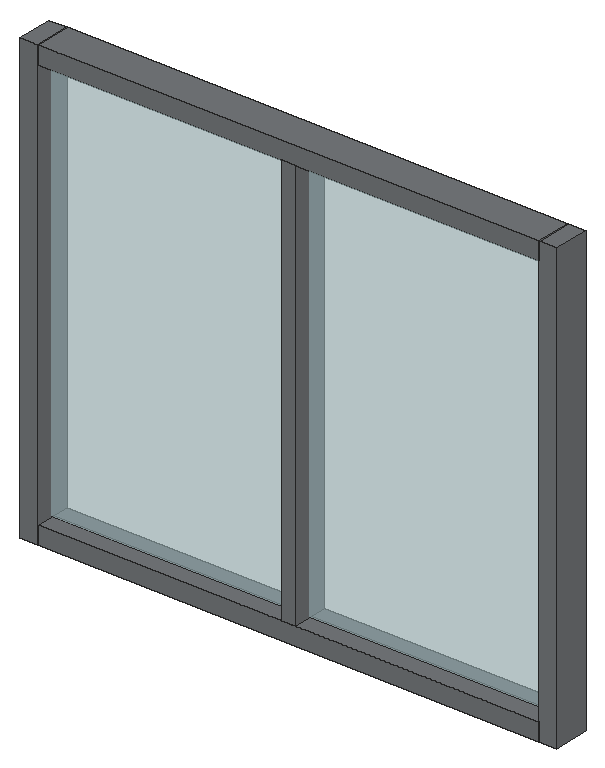
Revit family "LC W07 - A11", category Windows, host Wall, Revit 2027
Family settings
  Host = Wall
  Always vertical = Yes
  Cut with Voids When Loaded = No
  Shared = No
  Room Calculation Point = No
Parameters (values of type "A11 nominal size")
  Height = 1260 mm  # constant formula
  Description = "A07/A08 position, A11 overall sizes. Frame50x100 and glazing6mm are visual coordination profiles; manufacturer sections/glazing specification pending. Panel divisions follow schedule appearance, undimensioned divisions provisional."
  Default Sill Height = 0 mm
  Wall Closure = By host
  Width = 1510 mm  # constant formula
Reference planes
  plane 1 "Center (Front/Back)": y = 0
  plane 2 "Center (Left/Right)": x = 0
  plane 3 "Left": x = -755
  plane 4 "Right": x = 755
  plane 5 "Sill": z = 0
  plane 6 "Head": z = 1260
  plane 7 "Exterior": y = 100
  plane 8 "Interior": y = -100
Forms (mm)
  Extrusion 1, solid, material "LC Aluminium - charcoal coordination"
    sketch origin (0, 0, 0) x (1, 0, 0) y (0, 1, 0)
      loop
        line (-755, -50) -> (-705, -50) -> (-705, 50) -> (-755, 50) -> (-755, -50)
    from 0 to 1260
  Extrusion 2, solid, material "LC Aluminium - charcoal coordination"
    sketch origin (0, 0, 0) x (1, 0, 0) y (0, 1, 0)
      loop
        line (705, -50) -> (755, -50) -> (755, 50) -> (705, 50) -> (705, -50)
    from 0 to 1260
  Extrusion 3, solid, material "LC Aluminium - charcoal coordination"
    sketch origin (0, 0, 0) x (1, 0, 0) y (0, 1, 0)
      loop
        line (-705, -50) -> (705, -50) -> (705, 50) -> (-705, 50) -> (-705, -50)
    from 1210 to 1260
  Extrusion 4, solid, material "LC Aluminium - charcoal coordination"
    sketch origin (0, 0, 0) x (1, 0, 0) y (0, 1, 0)
      loop
        line (-705, -50) -> (705, -50) -> (705, 50) -> (-705, 50) -> (-705, -50)
    from 0 to 50
  Extrusion 5, solid, material "LC Aluminium - charcoal coordination"
    sketch origin (0, 0, 0) x (1, 0, 0) y (0, 1, 0)
      loop
        line (-20, -50) -> (20, -50) -> (20, 50) -> (-20, 50) -> (-20, -50)
    from 50 to 1210
  Extrusion 6, solid, material "LC Glazing - specification pending"
    sketch origin (0, 0, 0) x (1, 0, 0) y (0, 1, 0)
      loop
        line (-705, -3) -> (0, -3) -> (0, 3) -> (-705, 3) -> (-705, -3)
    from 50 to 1210
  Extrusion 7, solid, material "LC Glazing - specification pending"
    sketch origin (0, 0, 0) x (1, 0, 0) y (0, 1, 0)
      loop
        line (0, -3) -> (705, -3) -> (705, 3) -> (0, 3) -> (0, -3)
    from 50 to 1210
Lines and regions (mm)
  Opening 1
    outline origin (3500, -100, 0) x (1, 0, 0) y (0, 0, 1)
      loop
        line (-2745, 0) -> (-2745, 1260) -> (-4255, 1260) -> (-4255, 0) -> (-2745, 0)
Text (mm)
  text "Exterior" at (-1963.203, 1332.353, 0), in view "Ref. Level"
  text "Interior" at (-1981.466, -818.386, 0), in view "Ref. Level"
  text "Exterior" at (0, 923.751, 2943.296), in view "Right"
  text "Exterior" at (0, 1040.484, 2685.409), in view "Left"
Dimensions and locks
  equal spacing: plane 3 "Left", plane 2 "Center (Left/Right)", plane 4 "Right"
  "Width": plane 3 "Left" to plane 4 "Right"
  "Height": plane 5 "Sill" to plane 6 "Head"
  "Default Sill Height": plane 5 "Sill" to level
  locked: plane 7 "Exterior" to host wall
  locked: plane 8 "Interior" to host wall
Automatic sketch dimensions
  Opening 1 sketch curve to plane 3 "Left" = 0 mm
  Opening 1 sketch curve to plane 4 "Right" = 0 mm
  Opening 1 sketch curve to plane 5 "Sill" = 0 mm
  Opening 1 sketch curve to plane 6 "Head" = 0 mm
  Extrusion 1 sketch curve to plane 3 "Left" = 0 mm
  Extrusion 1 sketch curve to Extrusion 1 sketch curve = 50 mm
  host wall to Extrusion 1 sketch curve = 50 mm
  Extrusion 1 sketch curve to host wall = 50 mm
  Extrusion 2 sketch curve to plane 4 "Right" = 0 mm
  plane 4 "Right" to Extrusion 2 sketch curve = 50 mm
  host wall to Extrusion 2 sketch curve = 50 mm
  Extrusion 2 sketch curve to host wall = 50 mm
  Extrusion 3 sketch curve to plane 3 "Left" = 50 mm
  plane 4 "Right" to Extrusion 3 sketch curve = 50 mm
  host wall to Extrusion 3 sketch curve = 50 mm
  Extrusion 3 sketch curve to host wall = 50 mm
  Extrusion 4 sketch curve to plane 3 "Left" = 50 mm
  plane 4 "Right" to Extrusion 4 sketch curve = 50 mm
  host wall to Extrusion 4 sketch curve = 50 mm
  Extrusion 4 sketch curve to host wall = 50 mm
  plane 2 "Center (Left/Right)" to Extrusion 5 sketch curve = 20 mm
  Extrusion 5 sketch curve to plane 2 "Center (Left/Right)" = 20 mm
  host wall to Extrusion 5 sketch curve = 50 mm
  Extrusion 5 sketch curve to host wall = 50 mm
  Extrusion 6 sketch curve to plane 2 "Center (Left/Right)" = 0 mm
  host wall to Extrusion 6 sketch curve = 3 mm
  Extrusion 6 sketch curve to plane 3 "Left" = 50 mm
  Extrusion 6 sketch curve to host wall = 3 mm
  Extrusion 7 sketch curve to plane 2 "Center (Left/Right)" = 0 mm
  Extrusion 7 sketch curve to host wall = 3 mm
  plane 4 "Right" to Extrusion 7 sketch curve = 50 mm
  host wall to Extrusion 7 sketch curve = 3 mm
